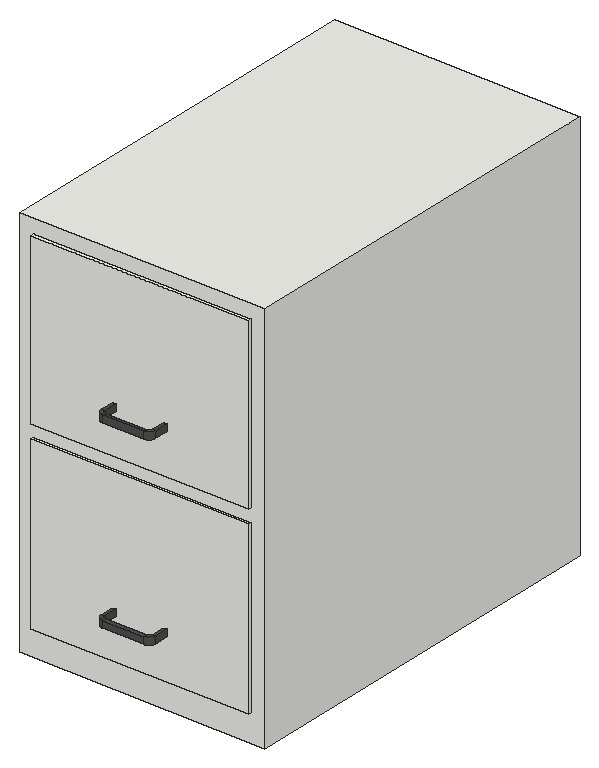
Revit family
Parameters (values of type "0457 x 0734mm")
  캐비닛 재료 = 금속 - 페인트 마감 - 아이보리색, 광택
  깊이 = 734.00 mm
  핸들 재료 = 금속 - 크롬
  높이 = 734.00 mm
  폭 = 457.00 mm
Types (7, lengths in mm): name | 깊이 | 높이 | 폭
  (no name) | 734.00 | 734.00 | 457.00
  0380 x 0457mm | 457.00 | 734.00 | 380.00
  0380 x 0635mm | 635.00 | 734.00 | 380.00
  0380 x 0734mm | 734.00 | 734.00 | 380.00
  0457 x 0734mm | 734.00 | 734.00 | 457.00
  0915 x 0380mm Lat. | 380.00 | 711.00 | 915.00
  0915 x 0457mm Lat. | 457.00 | 711.00 | 915.00
Reference planes
  plane 1 "중심(앞/뒤)": y = -142.134
  plane 2: z = 0
  plane 3 "중심(왼쪽/오른쪽)": x = -127.896
  plane 4: x = 100.604
  plane 5: x = -356.396
  plane 6: y = 224.866
  plane 7: y = -509.134
  plane 8: z = 734
  plane 9: z = 50.8
  plane 10: y = -515.484
Forms (mm)
  Extrusion 1, solid, material "금속 - 페인트 마감 - 아이보리색, 광택" <- "캐비닛 재료"
    sketch origin (0, 224.866, 0) x (1, 0, 0) y (0, 0, 1)
      loop
        line (-330.996, 708.6) -> (-330.996, 393.7) -> (75.204, 393.7) -> (75.204, 708.6) -> (-330.996, 708.6)
      loop
        line (-330.996, 368.3) -> (-330.996, 50.8) -> (75.204, 50.8) -> (75.204, 368.3) -> (-330.996, 368.3)
    from 734 to 740.35
  Extrusion 2, solid, material "금속 - 페인트 마감 - 아이보리색, 광택" <- "캐비닛 재료"
    sketch origin (0, 0, 0) x (1, 0, 0) y (0, 1, 0)
      loop
        line (-356.396, 224.866) -> (-356.396, -509.134) -> (100.604, -509.134) -> (100.604, 224.866) -> (-356.396, 224.866)
    from 0 to 734
  Sweep 3, solid, material "금속 - 크롬" <- "핸들 재료"
    path origin (0, 0, 0) x (1, 0, 0) y (0, 1, 0)
      loop
        line (-178.696, -515.484) -> (-178.696, -540.884)
        arc (-178.696, -540.884) -> (-174.977, -549.865) -> (-165.996, -553.584) r 12.7
        line (-165.996, -553.584) -> (-89.796, -553.584)
        arc (-89.796, -553.584) -> (-80.816, -549.865) -> (-77.096, -540.884) r 12.7
        line (-77.096, -540.884) -> (-77.096, -515.484)
    profile origin (0, -528.184, 0) x (1, 0, 0) y (0, 0, 1)
      loop
        line (-178.696, 127) -> (-172.346, 127) -> (-172.346, 139.7) -> (-178.696, 139.7) -> (-178.696, 127)
      loop
        line (-178.696, 469.9) -> (-172.346, 469.9) -> (-172.346, 482.6) -> (-178.696, 482.6) -> (-178.696, 469.9)
Lines and regions (mm)
  Masking region 1
    outline origin (0, 0, 0) x (1, 0, 0) y (0, 1, 0)
      loop
        line (-356.396, 224.866) -> (-356.396, -509.134) -> (100.604, -509.134) -> (100.604, 224.866) -> (-356.396, 224.866)
  symbolic lines
    curve 1: line (-89.796, -547.234, 0) -> (-165.996, -547.234, 0)
    curve 2: line (-172.346, -540.884, 0) -> (-172.346, -509.134, 0)
    curve 3: line (-83.446, -509.134, 0) -> (-83.446, -540.884, 0)
    curve 4: arc (-172.346, -540.884, 0) -> (-170.487, -545.374, 0) -> (-165.996, -547.234, 0) r 6.35
    curve 5: arc (-89.796, -547.234, 0) -> (-85.306, -545.374, 0) -> (-83.446, -540.884, 0) r 6.35
Dimensions and locks
  equal spacing: plane 5, plane 3 "중심(왼쪽/오른쪽)", plane 4
  equal spacing: plane 7, plane 1 "중심(앞/뒤)", plane 6
  "폭": plane 5 to plane 4
  "깊이": plane 7 to plane 6
  "높이": plane 8 to plane 2
  plane 7 to plane 10 = 6.35 mm
  aligned and locked: Extrusion 2 to plane 8
  aligned and locked: Extrusion 2 to level
  aligned and locked: Extrusion 1 to plane 7
  aligned and locked: Extrusion 1 to plane 10
  aligned and locked: plane 6 to Masking region 1 sketch curve
  aligned and locked: Masking region 1 sketch curve to plane 5
  aligned and locked: plane 4 to Masking region 1 sketch curve
  aligned and locked: Masking region 1 sketch curve to plane 7
  aligned and locked: curve 2 to Sweep 3
  aligned and locked: curve 3 to Sweep 3
  aligned and locked: curve 1 to Sweep 3
  aligned and locked: plane 7 to curve 3
  aligned and locked: plane 7 to curve 2
Automatic sketch dimensions
  Extrusion 1 sketch curve to plane 5 = 25.40 mm  (x2)
  plane 4 to Extrusion 1 sketch curve = 25.40 mm  (x2)
  level to Extrusion 1 sketch curve = 50.80 mm
  plane 8 to Extrusion 1 sketch curve = 25.40 mm
  Extrusion 2 sketch curve to plane 4 = 0.00 mm
  Extrusion 2 sketch curve to plane 7 = 0.00 mm
  Sweep 3 sketch curve to plane 10 = 0.00 mm  (x2)
  Sweep 3 sketch curve to plane 10 = 25.40 mm
  Sweep 3 sketch curve to plane 3 "중심(왼쪽/오른쪽)" = 50.80 mm
  Sweep 3 sketch curve to Sweep 3 sketch curve = 12.70 mm  (x3)
  plane 3 "중심(왼쪽/오른쪽)" to Sweep 3 sketch curve = 38.10 mm
  plane 7 to Sweep 3 sketch curve = 31.75 mm
  Sweep 3 sketch curve to profile plane = 0.00 mm  (x2)
  Sweep 3 sketch curve to profile plane = 6.35 mm  (x2)
  level to Sweep 3 sketch curve = 127.00 mm
  Sweep 3 sketch curve to Sweep 3 sketch curve = 330.20 mm
  Extrusion 1 sketch curve to Extrusion 1 sketch curve = 25.40 mm
  Extrusion 1 sketch curve to Extrusion 1 sketch curve = 317.50 mm
  Extrusion 2 sketch curve to plane 5 = 0.00 mm
  Extrusion 2 sketch curve to plane 6 = 0.00 mm
  curve 4 to curve 4 = 6.35 mm
  curve 5 to curve 3 = 6.35 mm
